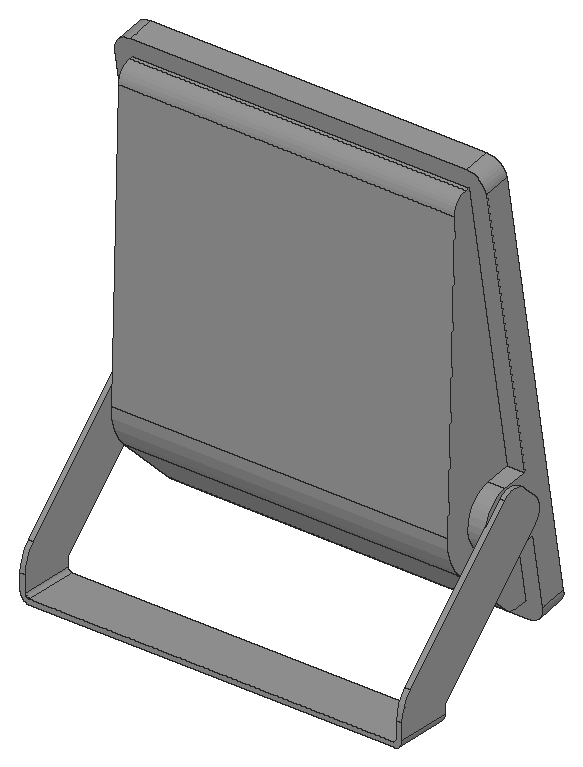
Revit family "SFIP66_50W", category Lighting Fixtures, host Face, Revit 2017
Family settings
  Host = Face
  Round Connector Dimension = Use Diameter
  Part Type = Normal
  OmniClass Number = 23.80.70.00
  OmniClass Title = Lighting
  Cut with Voids When Loaded = No
  Light Source = No
  Shared = No
  Room Calculation Point = No
Parameters (values of type "0048535 START FLOOD IP66 6KLM 840 ASYM")
  WingRadius_SYL = 10 mm
  WingLength_SYL = if([50W_SYL], 100 mm, if([100W_SYL], 142 mm, if([150W_SYL], 142 mm, if([200W_SYL], 150 mm, 170 mm))))  # 100 mm
  WidthBracket_SYL = 30 mm
  Weight = "2.5 kg"
  Wattage Comments = ""
  WarrantyStartDate [instance] = "n/a"
  WarrantyGuarantorParts = "n/a"
  WarrantyDurationUnit = "n/a"
  WarrantyDurationParts = "n/a"
  WarrantyDescription = "n/a"
  Voltage = 0 V
  URL = "http://www.sylvania-lighting.com"
  TypeName = "Start Flood IP66 6KLM 840 ASYM"
  TypeHead_SYL = START Flood IP66 50W luminaire : 0048535
  Type Image = <None>
  Type Comments = "n/a"
  ThicknessBracket_SYL = 3 mm
  SerialNumber [instance] = "n/a"
  RotationAngle_SYL [instance] = -100.00°
  RadiusOutBracket_SYL = 5 mm
  RadiusInBracket_SYL = 2 mm
  Material_3_SYL = none
  PowerFactor = 0.95
  PowerConsumption = "50 W"
  NominalLength = 314 mm
  NominalHeight = 63 mm
  NominalDepth = 240 mm
  Name = "Start Flood IP66 6KLM 840 ASYM"
  ModelReference = Name  # "Start Flood IP66 6KLM 840 ASYM"
  ModelNumber = "0048535"
  Model = Name  # "Start Flood IP66 6KLM 840 ASYM"
  Material = "n/a"
  ManufacturerName = "Feilo Sylvania"
  Manufacturer = "Feilo Sylvania"
  LuminousEfficacy = "129 lm/W"
  LuminaireType = ""
  LightOutputRatio = "n/a"
  LengthIn_SYL = if([50W_SYL], 210 mm, if([100W_SYL], 300 mm, if([150W_SYL], 295 mm, if([200W_SYL], 360 mm, 430 mm))))  # 210 mm
  LampsType = Lamp  # "LED"
  LampNominalLuminous = "6450 lm"
  LampMacAdamStep = "4"
  LampColourTemperature = "4000 K"
  LampColourRenderingIndex = "70"
  Lamp = "LED"
  Keynote = "16500"
  InstallationDate [instance] = "n/a"
  InputVoltage = "n/a"
  InputNominalFrequency = "n/a"
  IngressProtection = "IP66"
  ImpactProtectionIndex = "IK08"
  IfcExportType = "IfcLightFixtureType"
  IfcExportAs = "IfcLightFixtureType"
  EndAngle_SYL [instance] = RotationAngle_SYL + 180.00°  # 80.00°
  ElectricShockClassification = "Class I"
  DocumentationLiterature = "http://www.sylvania-lighting.com/product/en-int/products/0048535"
  DimmingControlOptions = "n/a"
  Material_2_SYL = none
  Description = "Exterior LED Floodlight, comes complete with 1500mm flying lead and adjustable bracket, aluminium housing, clear glass diffuser, IP66, IK08, Class I, 4000K, Non-dimming, 6450lm, 50W, 129lm/W, CRI80, Asymmetrical Wide beam angle (65° x 120° imax@55°), 60000 hrs L70B50 lifetime, 314 x 240 x 63mm (LxWxD) dimensions, 2.5kg weight."
  Default Elevation = 1219.2 mm
  CreatedOn = "9/23/2020"
  CreatedBy = "@sylvania-lighting.com"
  Cost = 0
  built-in parameter 1114216 [instance] = (empty or 0)
  ClassificationValue = "EF_70_80"
  ClassificationName = "Uniclass2015"
  Material_1_SYL = Steel, Paint Finish, Dark Gray, Matte
  BarCode [instance] = "n/a"
  AxisOffsetWingEnd_SYL = WidthBracket_SYL / 2  # 15 mm
  AxisHeight_SYL = sin(45.00°) * WingLength_SYL  # 70.711 mm
  AxisDepth_SYL = cos(45.00°) * (WingLength_SYL - tan(45.00°) * AxisOffsetWingEnd_SYL - AxisOffsetWingEnd_SYL)  # 49.497 mm
  AssetType = "Fixed"
  AssetIdentifier [instance] = "n/a"
  Assembly Code = "D5020200"
  Apparent Load = 50 VA
  Material_4_SYL = none
  50W_SYL = yes
  200W_SYL = no
  150W_SYL = no
  100W_SYL = no
Reference planes
  plane 1 "Center (Front/Back)": y = 0
  plane 2: z = 0
  plane 3 "Center (Left/Right)": x = 0
  plane 4: x = 108
  plane 5: x = -108
  plane 6: x = 105
  plane 7: x = -105
  plane 8: z = 10
  plane 9: y = 15
  plane 10: y = -15
  plane 11: z = 3
  plane 12: z = 80.711
  plane 13: y = 64.497
Forms (mm)
  Extrusion 1, solid, material "Steel, Paint Finish, Dark Gray, Matte" <- "Material_1_SYL"
    sketch origin (0, 0, 0) x (1, 0, 0) y (0, 0, 1)
      loop
        arc (103, 0) -> (106.536, 1.464) -> (108, 5) r 5
        line (108, 5) -> (108, 10) -> (105, 10) -> (105, 5)
        arc (105, 5) -> (104.414, 3.586) -> (103, 3) r 2
        line (103, 3) -> (-103, 3)
        arc (-103, 3) -> (-104.414, 3.586) -> (-105, 5) r 2
        line (-105, 5) -> (-105, 10) -> (-108, 10) -> (-108, 5)
        arc (-108, 5) -> (-106.536, 1.464) -> (-103, 0) r 5
        line (-103, 0) -> (103, 0)
    from -15 to 15
  Extrusion 2, solid, material "Steel, Paint Finish, Dark Gray, Matte" <- "Material_1_SYL"
    sketch origin (105, -4572, 2609.058) x (0, 0, 1) y (0, -1, 0)
      loop
        line (-2599.058, -4587) -> (-2535.418, -4650.64)
        arc (-2535.418, -4650.64) -> (-2528.347, -4653.569) -> (-2521.276, -4650.64) r 10
        line (-2521.276, -4650.64) -> (-2514.205, -4643.569)
        arc (-2514.205, -4643.569) -> (-2511.276, -4636.497) -> (-2514.205, -4629.426) r 10
        line (-2514.205, -4629.426) -> (-2580.774, -4562.858)
        arc (-2580.774, -4562.858) -> (-2587.262, -4558.522) -> (-2594.916, -4557) r 20
        line (-2594.916, -4557) -> (-2599.058, -4557) -> (-2599.058, -4587)
    from 0 to 3
  Extrusion 3, solid, material "Steel, Paint Finish, Dark Gray, Matte" <- "Material_1_SYL"
    sketch origin (-108, -4572, 2609.058) x (0, 0, 1) y (0, -1, 0)
      loop
        arc (-2535.418, -4650.64) -> (-2528.347, -4653.569) -> (-2521.276, -4650.64) r 10
        line (-2521.276, -4650.64) -> (-2514.205, -4643.569)
        arc (-2514.205, -4643.569) -> (-2511.276, -4636.497) -> (-2514.205, -4629.426) r 10
        line (-2514.205, -4629.426) -> (-2580.774, -4562.858)
        arc (-2580.774, -4562.858) -> (-2587.262, -4558.522) -> (-2594.916, -4557) r 20
        line (-2594.916, -4557) -> (-2604.058, -4557) -> (-2604.058, -4587) -> (-2599.058, -4587) -> (-2535.418, -4650.64)
    from 0 to 3
  Revolve 4, solid, not visible
    sketch origin (1223.4, -4572, 80.711) x (0, -1, 0) y (1, 0, 0)
      loop
        line (-4636.497, -1223.4) -> (-4651.497, -1223.4) -> (-4651.497, -1273.4) -> (-4636.497, -1273.4) -> (-4636.497, -1223.4)
      axis (-4636.497, -1223.4) -> (-4636.497, -1273.4)
    angle from -100 <- "RotationAngle_SYL" to 80 <- "EndAngle_SYL"
Cuts and joins
  joined: Extrusion 1, Extrusion 2, Extrusion 3
Lines and regions (mm)
  reference lines
    curve 1: line (0, 15, 10) -> (0, 167.028, 162.028)
    curve 2: line (0, 138.744, 176.17) -> (0, -15, 22.426)
    curve 3: line (0, 64.497, 101.924) -> (0, 85.711, 80.711)
    curve 4: line (-108, 4.393, 20.607) -> (-108, 165.135, 181.348)
    curve 5: line (0, 53.891, 91.317) -> (0, 75.104, 70.104)
Dimensions and locks
  locked: plane 8 to plane 2 at 10
  equal spacing: plane 10, plane 1 "Center (Front/Back)", plane 9
  "WidthBracket_SYL": plane 10 to plane 9
  "WidthBracket_SYL": curve 1 to curve 2
  "ThicknessBracket_SYL": plane 11 to plane 2
  "WingLength_SYL": curve 1 to curve 3
  level to Extrusion 1 = 10 mm
  equal spacing: plane 6, plane 3 "Center (Left/Right)", plane 7
  "LengthIn_SYL": plane 6 to plane 7
  equal spacing: plane 4, plane 3 "Center (Left/Right)", plane 5
  "ThicknessBracket_SYL": plane 7 to plane 5
  equal spacing: curve 1, curve 4, curve 2
  "AxisOffsetWingEnd_SYL": curve 3 to curve 5
  "AxisHeight_SYL": plane 12 to plane 8
  "AxisDepth_SYL": plane 9 to plane 13
  "RadiusInBracket_SYL": radius of Extrusion 1 sketch curve  (x2)
  "RadiusOutBracket_SYL": radius of Extrusion 1 sketch curve  (x2)
  "WingRadius_SYL": radius of Extrusion 2 sketch curve  (x2)
  locked: plane 8 to curve 1 (angle 45.00°)
  locked: plane 8 to curve 2 (angle 45.00°)
  aligned and locked: plane 2 to host face
  aligned and locked: level to host face
  aligned and locked: plane 9 to curve 1
  aligned and locked: plane 8 to curve 1
  aligned and locked: plane 10 to curve 2
  aligned and locked: plane 5 to Extrusion 1 sketch curve
  aligned and locked: plane 8 to Extrusion 1 sketch curve  (x2)
  aligned and locked: Extrusion 1 sketch curve to plane 7
  aligned and locked: plane 11 to Extrusion 1 sketch curve
  aligned and locked: plane 6 to Extrusion 1 sketch curve
  aligned and locked: Extrusion 1 sketch curve to plane 4
  aligned and locked: Extrusion 1 to plane 9
  aligned and locked: plane 10 to Extrusion 1
  aligned and locked: Extrusion 2 sketch curve to curve 1
  aligned and locked: curve 2 to Extrusion 2 sketch curve
  aligned and locked: plane 10 to Extrusion 2 sketch curve
  aligned and locked: Extrusion 2 sketch curve to Extrusion 1
  aligned and locked: plane 4 to Extrusion 2
  aligned and locked: Extrusion 2 to plane 6
  aligned and locked: plane 7 to Extrusion 3
  aligned and locked: Extrusion 3 to plane 5
  aligned and locked: cut or joined group of Extrusion 1, Extrusion 2, Extrusion 3 to curve 5  (x2)
  aligned and locked: Revolve 4 sketch curve to plane 13  (x2)
  aligned and locked: Revolve 4 sketch curve to curve 3
  aligned and locked: curve 2 to plane 3 "Center (Left/Right)"
  aligned and locked: Extrusion 3 sketch curve to cut or joined group of Extrusion 1, Extrusion 2, Extrusion 3  (x5)
  aligned and locked: cut or joined group of Extrusion 1, Extrusion 2, Extrusion 3 to Extrusion 3 sketch curve
  aligned and locked: nested 1 to plane 3 "Center (Left/Right)"
Automatic sketch dimensions
  host sketch curve to host sketch curve = 2438.4 mm  (x2)
  curve 4 to plane 1 "Center (Front/Back)" = 4.393 mm
  curve 4 to plane 9 = 150.135 mm
  Revolve 4 sketch curve to Revolve 4 sketch curve = 15 mm
  Revolve 4 sketch curve to plane 3 "Center (Left/Right)" = 50 mm
  Revolve 4 sketch curve to plane 5 = 1316.635 mm
  plane 4 to Revolve 4 sketch curve = 1441.773 mm
  Extrusion 3 sketch curve to plane 10 = 5.858 mm
  plane 12 to Extrusion 3 sketch curve = 7.071 mm
  Extrusion 3 sketch curve to plane 12 = 7.071 mm
  Extrusion 3 sketch curve to Extrusion 3 sketch curve = 7.071 mm
  plane 13 to Extrusion 3 sketch curve = 7.071 mm
  Extrusion 1 sketch curve to Extrusion 1 sketch curve = 0 mm  (x2)
  plane 12 to Extrusion 2 sketch curve = 0 mm
  Extrusion 2 sketch curve to plane 13 = 0 mm
  Extrusion 2 sketch curve to Extrusion 2 sketch curve = 4.142 mm
  Extrusion 2 sketch curve to plane 10 = 5.858 mm
  plane 12 to Extrusion 2 sketch curve = 7.071 mm
  Extrusion 2 sketch curve to plane 12 = 7.071 mm
  plane 13 to Extrusion 2 sketch curve = 7.071 mm
  Extrusion 2 sketch curve to plane 13 = 7.071 mm
Nested families
  nested 1: "START Flood IP66 50W luminaire" at (0, 64.497, 80.711) x (-1, 0, 0) z (0, 0.9848, 0.1736), type <- "TypeHead_SYL", type "0048535"
    with built-in parameter 1114216 (empty or 0), Apparent Load 50 VA
Connectors
  electrical at (4.2, 0, 0), driven by "Voltage", driven by "Apparent Load", driven by "PowerFactor"
    settings: on host face, index 1, voltage 0 V, apparent load 50 VA, apparent load phase1 0 VA, apparent load phase2 0 VA, apparent load phase3 0 VA, power factor 0.95, load classification "Other", number of poles 1, system type 30, power factor state 1, is connector primary yes, connector utility no, sub classification motor no, connector description ""
Definition of nested family "START Flood IP66 50W luminaire"
  Parameters (values of type "0048206 Start Flood IP66 7200lm 740 WB")
    WidthHead_SYL = if([50W_SYL], 210 mm, if([100W_SYL], 300 mm, if([150W_SYL], 295 mm, if([200W_SYL], 360 mm, 430 mm))))  # 210 mm
    Wattage Comments = "n/a"
    Wattage = 53 W
    built-in parameter 1150110 = 1 (stored number, unit not read)
    URL = "http://www.sylvania-lighting.com"
    Type Image = (empty or 0)
    Type Comments = "n/a"
    built-in parameter 1114217 = 1 (stored number, unit not read)
    Tilt Angle = -90.00°
    built-in parameter 1150109 = 1 (stored number, unit not read)
    built-in parameter 1150134 = 12
    built-in parameter 1150113 = 1 (stored number, unit not read)
    ScreenThickness_SYL = 14.5 mm  # constant formula
    ReflectorOffset_SYL = 12 mm  # constant formula
    ReflectorOffsetIn_SYL = RadiusReflectorFront_SYL  # 30 mm
    ReflectorHeight_SYL = if([50W_SYL], 145 mm, if([100W_SYL], 165 mm, if([150W_SYL], 210 mm, if([200W_SYL], 240 mm, 290 mm))))  # 145 mm
    RadiusReflectorIn_SYL = 5 mm  # constant formula
    RadiusReflectorFront_SYL = if([50W_SYL], 30 mm, if([100W_SYL], 30 mm, if([150W_SYL], 30 mm, if([200W_SYL], 30 mm, 35 mm))))  # 30 mm
    RadiusHinge_SYL = RadiusBack_SYL / 1.8  # 17.389 mm
    RadiusBack_SYL = if([50W_SYL], 31.3 mm, if([100W_SYL], 40 mm, if([150W_SYL], 40 mm, if([200W_SYL], 50 mm, 55 mm))))  # 31.3 mm
    Photometric Web File = "0048206.ies"
    OffsetBack_SYL = 10 mm  # constant formula
    Material_5_SYL = none
    Material_3_SYL = none
    Model = "Start Flood IP66 7200lm 740 WB"
    Manufacturer = "Feilo Sylvania"
    built-in parameter 1150105 = 8158.4 (stored number, unit not read)
    Lumens = 7420 lm
    built-in parameter 1150115 = 1 (stored number, unit not read)
    built-in parameter 1150137 = (empty or 0)
    built-in parameter 1150139 = (empty or 0)
    built-in parameter 1150112 = 1 (stored number, unit not read)
    built-in parameter 1150114 = 1 (stored number, unit not read)
    Lamp = "LED"
    Keynote = "16500"
    Material_2_SYL = none
    built-in parameter 1150132 = (empty or 0)
    built-in parameter 1150102 = (empty or 0)
    built-in parameter 1150107 = 4000 (stored number, unit not read)
    built-in parameter 1150138 = (empty or 0)
    built-in parameter 1150106 = 81.584 (stored number, unit not read)
    HeightHead_SYL = if([50W_SYL], 250 mm, if([100W_SYL], 320 mm, if([150W_SYL], 367 mm, if([200W_SYL], 400 mm, 470 mm))))  # 250 mm
    Emit from Rectangle Width = WidthHead_SYL - 4 mm - ReflectorOffset_SYL * 2 - ReflectorOffsetIn_SYL * 2  # 122 mm
    Emit from Rectangle Length = ReflectorHeight_SYL - ReflectorOffsetIn_SYL * 2  # 85 mm
    Emit Shape Visible in Rendering = no
    built-in parameter 1150104 = 13.006 (stored number, unit not read)
    Dimming Lamp Color Temperature Shift = (empty or 0)
    Description = ""
    Default Elevation = 1219.2 mm
    Cost = 0
    Color Filter = 16777215
    built-in parameter 1114216 [instance] = (empty or 0)
    Material_1_SYL = none
    Chamfer_SYL = if([50W_SYL], 15 mm, if([100W_SYL], 15 mm, if([150W_SYL], 15 mm, if([200W_SYL], 15 mm, 20 mm))))  # 15 mm
    built-in parameter 1114218 = 1 (stored number, unit not read)
    AxisOffsetBottom_SYL = if([50W_SYL], 68 mm, if([100W_SYL], 80 mm, if([150W_SYL], 92.2 mm, if([200W_SYL], 99.7 mm, 117 mm))))  # 68 mm
    AxisOffsetFront_SYL = if([50W_SYL], 28.4 mm, if([100W_SYL], 33.2 mm, if([150W_SYL], 33.2 mm, if([200W_SYL], 32.9 mm, 38.3 mm))))  # 28.4 mm
    built-in parameter 1150133 = 10 (stored number, unit not read)
    Assembly Code = "D5020200"
    Apparent Load = 53 VA
    Material_4_SYL = none
    50W_SYL = yes
    200W_SYL = no
    150W_SYL = no
    100W_SYL = no
  Types (2, lengths in mm): name | Photometric Web File | Model | built-in parameter 1150105 | Lumens | built-in parameter 1150106 | built-in parameter 1150104
    0048207 Start Flood IP66 7200lm 740 ASYM | "0048207.ies" | "Start Flood IP66 7200lm 740 ASYM" | 3747.2 (stored number, unit not read) | 6996 lm | 37.472 (stored number, unit not read) | 12.263 (stored number, unit not read)
    0048206 Start Flood IP66 7200lm 740 WB | "0048206.ies" | "Start Flood IP66 7200lm 740 WB" | 8158.4 (stored number, unit not read) | 7420 lm | 81.584 (stored number, unit not read) | 13.006 (stored number, unit not read)
  Reference planes
    plane 1 "Center (Front/Back)": y = 0
    plane 2: z = 0
    plane 3 "Center (Left/Right)": x = 0
    plane 4: x = 105
    plane 5: x = -105
    plane 6: y = -68
    plane 7: y = 182
    plane 8: z = 28.4
    plane 9: z = 13.9
    plane 10: y = 172
    plane 11: y = -58
    plane 12: x = -95
    plane 13: x = 95
    plane 14: x = -103
    plane 15: y = 180
    plane 16: x = 103
    plane 17: y = -66
    plane 18: y = 165
    plane 19: x = 88
    plane 20: x = -88
    plane 21: y = -51
    plane 22: z = 26.4
    plane 23: z = 3.9
    plane 24: x = -91
    plane 25: y = 168
    plane 26: x = 91
    plane 27: y = 23
    plane 28: x = -61
    plane 29: y = 53
    plane 30: x = 61
    plane 31: y = 138
    plane 32: y = 95.5
  Forms (mm)
    Extrusion 1, solid
      sketch origin (4.2, 0, 0) x (1, 0, 0) y (0, 1, 0)
        loop
          line (-1219.2, 1219.2) -> (-1219.2, -1219.2) -> (1219.2, -1219.2) -> (1219.2, 1219.2) -> (-1219.2, 1219.2)
      from 0 to -68.017
    Extrusion 2, solid, material <- "Material_1_SYL"
      sketch origin (0, 1219.2, 28.4) x (1, 0, 0) y (0, -1, 0)
        loop
          line (-95, 1037.2) -> (95, 1037.2)
          arc (95, 1037.2) -> (102.071, 1040.129) -> (105, 1047.2) r 10
          line (105, 1047.2) -> (105, 1277.2)
          arc (105, 1277.2) -> (102.071, 1284.271) -> (95, 1287.2) r 10
          line (95, 1287.2) -> (-95, 1287.2)
          arc (-95, 1287.2) -> (-102.071, 1284.271) -> (-105, 1277.2) r 10
          line (-105, 1277.2) -> (-105, 1047.2)
          arc (-105, 1047.2) -> (-102.071, 1040.129) -> (-95, 1037.2) r 10
      from 0 to 14.5
    Extrusion 3, void
      sketch origin (0, 1219.2, 28.4) x (1, 0, 0) y (0, -1, 0)
        loop
          line (-88, 1039.2) -> (88, 1039.2) -> (103, 1054.2) -> (103, 1270.2) -> (88, 1285.2) -> (-88, 1285.2) -> (-103, 1270.2) -> (-103, 1054.2) -> (-88, 1039.2)
      from 0 to 2
    Blend 4, void
      base sketch origin (0, 1219.2, 26.4) x (0, -1, 0) y (1, 0, 0)
        loop
          arc (1051.2, -61) -> (1059.987, -82.213) -> (1081.2, -91) r 30
          line (1081.2, -91) -> (1166.2, -91)
          arc (1166.2, -91) -> (1187.413, -82.213) -> (1196.2, -61) r 30
          line (1196.2, -61) -> (1196.2, 61)
          arc (1196.2, 61) -> (1187.413, 82.213) -> (1166.2, 91) r 30
          line (1166.2, 91) -> (1081.2, 91)
          arc (1081.2, 91) -> (1059.987, 82.213) -> (1051.2, 61) r 30
          line (1051.2, 61) -> (1051.2, -61)
      top sketch origin (0, 1219.2, 26.4) x (0, -1, 0) y (1, 0, 0)
        loop
          arc (1081.2, -58) -> (1083.044, -60.183) -> (1085.783, -61) r 5
          line (1085.783, -61) -> (1161.2, -61)
          arc (1161.2, -61) -> (1164.736, -59.536) -> (1166.2, -56) r 5
          line (1166.2, -56) -> (1166.2, 56)
          arc (1166.2, 56) -> (1164.736, 59.536) -> (1161.2, 61) r 5
          line (1161.2, 61) -> (1086.2, 61)
          arc (1086.2, 61) -> (1082.664, 59.536) -> (1081.2, 56) r 5
          line (1081.2, 56) -> (1081.2, -58)
      from 0 to -22.5
    Extrusion 5, solid, material <- "Material_1_SYL"
      sketch origin (0, 0, 0) x (0, 1, 0) y (0, 0, 1)
        loop
          line (-58, 13.9) -> (-58, 8.71)
          arc (-58, 8.71) -> (-56.917, 4.183) -> (-53.902, 0.637) r 10
          line (-53.902, 0.637) -> (-18.474, -25.267)
          arc (-18.474, -25.267) -> (-6.609, -30.594) -> (6.396, -30.639) r 31.3
          line (6.396, -30.639) -> (164.044, 2.271)
          arc (164.044, 2.271) -> (169.76, 5.753) -> (172, 12.06) r 10
          line (172, 12.06) -> (172, 13.9) -> (-58, 13.9)
      from -95 to 95
    Extrusion 6, solid, material <- "Material_4_SYL"
      sketch origin (0, 1219.2, 26.4) x (1, 0, 0) y (0, -1, 0)
        loop
          line (88, 1039.2) -> (103, 1054.2) -> (103, 1270.2) -> (88, 1285.2) -> (-88, 1285.2) -> (-103, 1270.2) -> (-103, 1054.2) -> (-88, 1039.2) -> (88, 1039.2)
      from -2 to 0
    Extrusion 7, solid, material <- "Material_1_SYL"
      sketch origin (0, 0, 0) x (0, 1, 0) y (0, 0, 1)
        loop
          arc (-17.389, 0) -> (0, -17.389) -> (17.389, 0) r 17.389
          line (17.389, 0) -> (17.389, 13.9) -> (-17.389, 13.9) -> (-17.389, 0)
      from -105 to 105
  Cuts and joins
    Extrusion 3, Blend 4 cuts Extrusion 2
    joined: Extrusion 2, Extrusion 5, Extrusion 7
  Lines and regions (mm)
    Split face 1
      outline origin (0, 1219.2, 28.4) x (1, 0, 0) y (0, 1, 0)
        loop
          arc (61, -1196.2) -> (82.213, -1187.413) -> (91, -1166.2) r 30
          line (91, -1166.2) -> (91, -1081.2)
          arc (91, -1081.2) -> (82.213, -1059.987) -> (61, -1051.2) r 30
          line (61, -1051.2) -> (-61, -1051.2)
          arc (-61, -1051.2) -> (-82.213, -1059.987) -> (-91, -1081.2) r 30
          line (-91, -1081.2) -> (-91, -1166.2)
          arc (-91, -1166.2) -> (-82.213, -1187.413) -> (-61, -1196.2) r 30
          line (-61, -1196.2) -> (61, -1196.2)
    reference lines
      curve 1: circle (0, 0, 0) r 31.3 normal (1, 0, 0)
      curve 2: line (-61, 168, 28.4) -> (61, 168, 28.4)
      curve 3: line (-91, 53, 28.4) -> (-91, 138, 28.4)
      curve 4: line (61, 23, 28.4) -> (-61, 23, 28.4)
      curve 5: line (91, 138, 28.4) -> (91, 53, 28.4)
      curve 6: arc (-61, 168, 28.4) -> (-82.213, 159.213, 28.4) -> (-91, 138, 28.4) r 30
      curve 7: arc (61, 168, 28.4) -> (82.213, 159.213, 28.4) -> (91, 138, 28.4) r 30
      curve 8: arc (-91, 53, 28.4) -> (-82.213, 31.787, 28.4) -> (-61, 23, 28.4) r 30
      curve 9: arc (61, 23, 28.4) -> (82.213, 31.787, 28.4) -> (91, 53, 28.4) r 30
      curve 10: line (-58, 138, 28.4) -> (56, 138, 28.4)
      curve 11: line (-61, 58, 28.4) -> (-61, 133.417, 28.4)
      curve 12: line (56, 53, 28.4) -> (-56, 53, 28.4)
      curve 13: line (61, 133, 28.4) -> (61, 58, 28.4)
      curve 14: arc (-58, 138, 28.4) -> (-60.183, 136.156, 28.4) -> (-61, 133.417, 28.4) r 5
      curve 15: arc (-56, 53, 28.4) -> (-59.536, 54.464, 28.4) -> (-61, 58, 28.4) r 5
      curve 16: arc (61, 58, 28.4) -> (59.536, 54.464, 28.4) -> (56, 53, 28.4) r 5
      curve 17: arc (56, 138, 28.4) -> (59.536, 136.536, 28.4) -> (61, 133, 28.4) r 5
      curve 18: circle (0, 0, 0) r 17.389 normal (1, 0, 0)
  Dimensions and locks
    equal spacing: plane 4, plane 3 "Center (Left/Right)", plane 5
    "WidthHead_SYL": plane 4 to plane 5
    "AxisOffsetBottom_SYL": plane 6 to plane 1 "Center (Front/Back)"
    "HeightHead_SYL": plane 6 to plane 7
    "AxisOffsetFront_SYL": plane 8 to plane 2
    "ScreenThickness_SYL": plane 9 to plane 8
    equal spacing: plane 12, plane 3 "Center (Left/Right)", plane 13
    "OffsetBack_SYL": plane 5 to plane 12
    "OffsetBack_SYL": plane 10 to plane 7
    "OffsetBack_SYL": plane 6 to plane 11
    locked: plane 6 to plane 17 at 2
    locked: plane 16 to plane 4 at 2
    locked: plane 5 to plane 14 at 2
    locked: plane 15 to plane 7 at 2
    "Chamfer_SYL": plane 19 to plane 16
    "Chamfer_SYL": plane 14 to plane 20
    "Chamfer_SYL": plane 18 to plane 15
    locked: plane 22 to plane 8 at 2
    "Chamfer_SYL": plane 17 to plane 21
    locked: plane 23 to plane 9 at 10
    equal spacing: plane 24, plane 3 "Center (Left/Right)", plane 26
    "ReflectorOffset_SYL": plane 25 to plane 15
    "ReflectorHeight_SYL": plane 27 to plane 25
    "ReflectorOffset_SYL": plane 14 to plane 24
    "ReflectorOffsetIn_SYL": plane 31 to plane 25
    "ReflectorOffsetIn_SYL": plane 24 to plane 28
    "ReflectorOffsetIn_SYL": plane 27 to plane 29
    "ReflectorOffsetIn_SYL": plane 30 to plane 26
    level to Extrusion 7 = 13.9 mm
    equal spacing: plane 29, plane 32, plane 31
    "RadiusBack_SYL": radius of curve 1
    "OffsetBack_SYL": radius of Extrusion 2 sketch curve  (x4)
    "RadiusReflectorFront_SYL": radius of curve 6
    "RadiusReflectorFront_SYL": radius of curve 8
    "RadiusReflectorFront_SYL": radius of curve 9
    "RadiusReflectorFront_SYL": radius of curve 7
    "RadiusReflectorIn_SYL": radius of curve 14
    "RadiusReflectorIn_SYL": radius of curve 15
    "RadiusReflectorIn_SYL": radius of curve 16
    "RadiusReflectorIn_SYL": radius of curve 17
    "RadiusHinge_SYL": radius of curve 18
    radius of Extrusion 5 sketch curve = 10 mm  (x2)
    aligned and locked: plane 2 to Extrusion 1
    aligned and locked: level to Extrusion 1
    aligned and locked: Extrusion 2 sketch curve to plane 7
    aligned and locked: plane 12 to Extrusion 2 sketch curve  (x2)
    aligned and locked: plane 13 to Extrusion 2 sketch curve  (x2)
    aligned and locked: plane 10 to Extrusion 2 sketch curve
    aligned and locked: plane 11 to Extrusion 2 sketch curve  (x2)
    aligned and locked: plane 9 to Extrusion 2
    aligned and locked: Extrusion 2 to plane 8
    aligned and locked: plane 20 to Extrusion 3 sketch curve
    aligned and locked: plane 18 to Extrusion 3 sketch curve
    aligned and locked: plane 14 to Extrusion 3 sketch curve
    aligned and locked: plane 17 to Extrusion 3 sketch curve
    aligned and locked: Extrusion 3 sketch curve to plane 16
    aligned and locked: plane 19 to Extrusion 3 sketch curve
    aligned and locked: plane 15 to Extrusion 3 sketch curve
    aligned and locked: plane 22 to Extrusion 3
    aligned and locked: Extrusion 3 to plane 8
    aligned and locked: curve 2 to plane 25
    aligned and locked: curve 3 to plane 24
    aligned and locked: plane 27 to curve 4
    aligned and locked: plane 26 to curve 5
    aligned and locked: curve 10 to plane 31
    aligned and locked: curve 11 to plane 28
    aligned and locked: plane 29 to curve 12
    aligned and locked: plane 30 to curve 13
    aligned and locked: Blend 4 sketch curve to curve 6
    aligned and locked: Blend 4 sketch curve to curve 8
    aligned and locked: Blend 4 sketch curve to curve 9
    aligned and locked: Blend 4 sketch curve to curve 7
    aligned and locked: Blend 4 sketch curve to curve 10
    aligned and locked: Blend 4 sketch curve to curve 17
    aligned and locked: Blend 4 sketch curve to curve 16
    aligned and locked: Blend 4 sketch curve to curve 15
    aligned and locked: Blend 4 sketch curve to curve 14
    aligned and locked: Blend 4 to plane 22
    aligned and locked: Extrusion 5 sketch curve to curve 1
    aligned and locked: Extrusion 5 to plane 12
    aligned and locked: plane 13 to Extrusion 5
    aligned and locked: plane 23 to Blend 4
    aligned and locked: Extrusion 6 sketch curve to cut or joined group of Extrusion 2, Extrusion 3, Blend 4, Extrusion 5, Extrusion 7  (x8)
    aligned and locked: plane 22 to Extrusion 6
    aligned and locked: Extrusion 6 to plane 8
    aligned and locked: Split face 1 sketch curve to cut or joined group of Extrusion 2, Extrusion 3, Blend 4, Extrusion 5, Extrusion 7  (x4)
    aligned and locked: Extrusion 7 sketch curve to curve 18
    aligned and locked: plane 9 to Extrusion 7 sketch curve  (x2)
    aligned and locked: plane 4 to Extrusion 7
    aligned and locked: Extrusion 7 to plane 5
    aligned and locked: plane 3 "Center (Left/Right)" to imposter light
    aligned and locked: plane 32 to imposter light
    aligned and locked: imposter light to plane 8
  Automatic sketch dimensions
    Extrusion 1 sketch curve to Extrusion 1 sketch curve = 2438.4 mm  (x2)
    Extrusion 3 sketch curve to plane 20 = 0 mm
    Extrusion 3 sketch curve to plane 19 = 0 mm
    plane 21 to Extrusion 3 sketch curve = 0 mm  (x2)
    plane 18 to Extrusion 3 sketch curve = 0 mm
    plane 28 to curve 10 = 3 mm
    curve 1 to curve 18 = 0 mm  (x2)
    curve 18 to level = 0 mm
    curve 18 to plane 1 "Center (Front/Back)" = 0 mm
    Extrusion 7 sketch curve to level = 0 mm
    Extrusion 5 sketch curve to plane 11 = 0 mm
    Extrusion 5 sketch curve to plane 10 = 0 mm
    plane 9 to Extrusion 5 sketch curve = 0 mm
    level to Extrusion 5 sketch curve = 0.637 mm
    Extrusion 5 sketch curve to plane 11 = 4.098 mm
    plane 1 "Center (Front/Back)" to Extrusion 5 sketch curve = 18.474 mm
    Extrusion 5 sketch curve to plane 1 "Center (Front/Back)" = 6.396 mm
    plane 18 to Extrusion 5 sketch curve = 0.956 mm
    plane 23 to Extrusion 5 sketch curve = 1.629 mm
